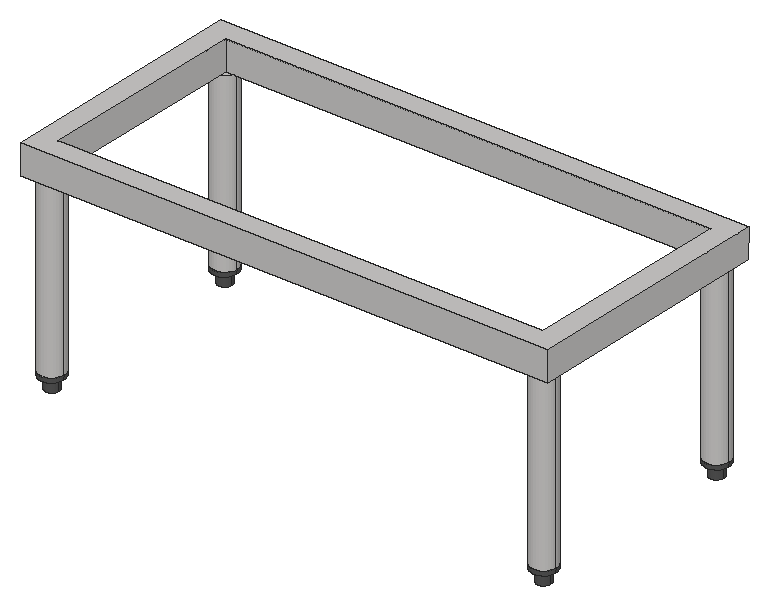
Revit family "QF_CAPIC_PT_W293014", category Equipement spécialisé, Revit 2018
Family settings
  Cote de connecteur circulaire = Utiliser le diamètre
  Type d'élément = Normal
  Numéro OmniClass = 23.40.40.14
  Titre OmniClass = Food Service Equipment
  Basée sur le plan de construction = Non
  Toujours verticalement = Oui
  Couper avec des vides une fois chargée = Non
  Partagée = Non
  Point de calcul de pièce = Non
Parameters (values of type "L=1500mm")
  URL catalogue = "http://www.capic-fr.com/fr/"
  Type de Raccord Plomberie [instance] = ""
  Type de Raccord Electrique [instance] = ""
  Type de Gaz = ""
  Type article [instance] = ""
  Tension = 0 V
  Spécification du Fabricant = ""
  Show Logo = yes
  Remarques evacuation [instance] = ""
  Remarques Plomberie [instance] = ""
  Remarques Electricité [instance] = ""
  Puissance électrique  = 0 W
  Puissance Gaz kW = 0
  Profondeur hors tout = 715 mm
  Pression Maximum Eau Adoucie = 0.0 Pa
  Poids net à vide = 90.00 kg
  Phase = 0
  Modèle = "W293014"
  Longueur hors tout = 1500 mm
  Intensité nominale = 0 A
  Hauteur hors tout = 630 mm
  Hauteur de Raccordement du Sol Finis = 0 mm
  Hauteur de Raccordement Gaz du Sol Finis = 0 mm
  Hauteur de Raccordement Evacuation Directe du Sol Finis = 0 mm
  Hauteur de Raccordement Eau Froide du Sol Finis = 0 mm
  Hauteur de Raccordement Eau Chaude du Sol Finis = 0 mm
  Hauteur de Raccordement Eau Adoucie du Sol Finis = 0 mm
  Fréquence = 0 Hz
  Fabricant = "CAPIC"
  Débit d'air d'extraction = 0.0 m³/h
  Débit Gaz = 0.0 L/s
  Débit Eau Froide = 0.0 L/s
  Débit Eau Chaude = 0.0 L/s
  Débit Eau Adoucie = 0.0 L/s
  Diamètre de Raccordement Gaz = 0 mm
  Diamètre de Raccordement Evacuation = 0 mm
  Diamètre de Raccordement Eau Froide = 0 mm
  Diamètre de Raccordement Eau Chaude = 0 mm
  Diamètre de Raccordement Eau Adoucie = 0 mm
  Description = "Pietement tubes ronds"
  Assembly Code = ""
  Classification  Omniclass nombre et titre = "23.40.40.14"
Reference planes
  plane 1 "Centre (avant/arrière)": y = 0
  plane 2: z = 0
  plane 3 "Centre (gauche/droite)": x = 0
  plane 4 "Centre G/E": y = 0
  plane 5: y = -838
  plane 6: z = 630
  plane 7: y = -123
  plane 8: x = 1500
  plane 9: z = 546
  plane 10: y = -173
  plane 11: y = -788
  plane 12: x = 50
  plane 13: x = 1450
  plane 14: z = 46
Forms (mm)
  Extrusion 1, solid, material "QF_Stainless Steel-Brushed"
    sketch origin (4267.2, -1071.386, 630) x (0, -1, 0) y (1, 0, 0)
      loop
        line (-948.386, -4267.2) -> (-233.386, -4267.2) -> (-233.386, -2767.2) -> (-948.386, -2767.2) -> (-948.386, -4267.2)
      loop
        line (-888.386, -2827.2) -> (-888.386, -4207.2) -> (-293.386, -4207.2) -> (-293.386, -2827.2) -> (-888.386, -2827.2)
    from 0 to -84
  Extrusion 2, solid, material "QF_Stainless Steel-Brushed"
    sketch origin (0, 0, 0) x (1, 0, 0) y (0, 1, 0)
      loop
        circle (50, -173) r 35
    from 46 to 546
  Revolve 3, solid, material "QF_Plastic-Black"
    sketch origin (-199.347, -173, 4000) x (-1, 0, 0) y (0, 0, 1)
      loop
        line (-284.347, -3954) -> (-284.347, -3966) -> (-269.347, -3966) -> (-269.347, -4000) -> (-249.347, -4000) -> (-249.347, -3954) -> (-284.347, -3954)
      axis (-249.347, -4000) -> (-249.347, -3954)
    angle from 0 to 360
  Extrusion 4, solid, material "QF_Stainless Steel-Brushed"
    sketch origin (220, 0, 0) x (1, 0, 0) y (0, 1, 0)
      loop
        circle (1230, -173) r 35
    from 46 to 546
  Revolve 5, solid, material "QF_Plastic-Black"
    sketch origin (160.653, -173, 4000) x (-1, 0, 0) y (0, 0, 1)
      loop
        line (-1324.347, -3954) -> (-1324.347, -3966) -> (-1309.347, -3966) -> (-1309.347, -4000) -> (-1289.347, -4000) -> (-1289.347, -3954) -> (-1324.347, -3954)
      axis (-1289.347, -4000) -> (-1289.347, -3954)
    angle from 0 to 360
  Extrusion 6, solid, material "QF_Stainless Steel-Brushed"
    sketch origin (0, -615, 0) x (1, 0, 0) y (0, 1, 0)
      loop
        circle (50, -173) r 35
    from 46 to 546
  Revolve 7, solid, material "QF_Plastic-Black"
    sketch origin (-133.843, -788, 4000) x (-1, 0, 0) y (0, 0, 1)
      loop
        line (-218.843, -3954) -> (-218.843, -3966) -> (-203.843, -3966) -> (-203.843, -4000) -> (-183.843, -4000) -> (-183.843, -3954) -> (-218.843, -3954)
      axis (-183.843, -4000) -> (-183.843, -3954)
    angle from 0 to 360
  Extrusion 8, solid, material "QF_Stainless Steel-Brushed"
    sketch origin (230, -615, 0) x (1, 0, 0) y (0, 1, 0)
      loop
        circle (1220, -173) r 35
    from 46 to 546
  Revolve 9, solid, material "QF_Plastic-Black"
    sketch origin (-133.843, -788, 4000) x (-1, 0, 0) y (0, 0, 1)
      loop
        line (-1618.843, -3954) -> (-1618.843, -3966) -> (-1603.843, -3966) -> (-1603.843, -4000) -> (-1583.843, -4000) -> (-1583.843, -3954) -> (-1618.843, -3954)
      axis (-1583.843, -4000) -> (-1583.843, -3954)
    angle from 0 to 360
Dimensions and locks
  locked: plane 7 to Extrusion 1 sketch curve at 60
  locked: Extrusion 1 sketch curve to plane 5 at 60
  locked: plane 3 "Centre (gauche/droite)" to Extrusion 1 sketch curve at 60
  locked: Extrusion 1 sketch curve to plane 8 at 60
  "Longueur hors tout": plane 3 "Centre (gauche/droite)" to plane 8
  "Hauteur hors tout": plane 6 to level
  locked: plane 6 to plane 9 at 84
  locked: plane 7 to plane 10 at 50
  locked: plane 11 to plane 5 at 50
  locked: plane 3 "Centre (gauche/droite)" to plane 12 at 50
  locked: plane 13 to plane 8 at 50
  locked: plane 9 to plane 14 at 500
  locked: Revolve 3 sketch curve to plane 12 at 35
  locked: plane 14 to Revolve 3 sketch curve at 12
  locked: Revolve 3 sketch curve to plane 12 at 20
  Revolve 5 sketch curve to Revolve 5 sketch curve to plane 13 = 15 mm locked, 20 mm locked
  "Profondeur hors tout": plane 7 to plane 5
  locked: plane 14 to Revolve 5 sketch curve at 12
  locked: Revolve 7 sketch curve to plane 12 at 20
  locked: Revolve 7 sketch curve to plane 12 at 35
  locked: Revolve 3 to plane 14 at 12
  locked: plane 14 to Revolve 5 at 12
  locked: Revolve 9 sketch curve to plane 13 at 20
  locked: Revolve 9 sketch curve to plane 13 at 35
  aligned and locked: level to plane 2
  aligned and locked: Extrusion 1 sketch curve to plane 7
  aligned and locked: plane 3 "Centre (gauche/droite)" to Extrusion 1 sketch curve
  aligned and locked: plane 5 to Extrusion 1 sketch curve
  aligned and locked: Extrusion 1 sketch curve to plane 8
  aligned and locked: Extrusion 1 to plane 9
  aligned and locked: plane 6 to Extrusion 1
  aligned and locked: plane 9 to Extrusion 2
  aligned and locked: Extrusion 2 to plane 14
  aligned and locked: plane 12 to Extrusion 2 sketch curve
  aligned and locked: plane 10 to Extrusion 2 sketch curve
  aligned and locked: level to Revolve 3 sketch curve
  aligned and locked: plane 12 to Revolve 3 sketch curve
  aligned and locked: Revolve 3 sketch curve to plane 14
  aligned and locked: plane 13 to Extrusion 4 sketch curve
  aligned and locked: Extrusion 4 sketch curve to plane 10
  aligned and locked: plane 13 to Revolve 5 sketch curve  (x2)
  aligned and locked: level to Revolve 5 sketch curve
  aligned and locked: plane 14 to Revolve 5 sketch curve
  aligned and locked: plane 12 to Extrusion 6 sketch curve
  aligned and locked: plane 11 to Extrusion 6 sketch curve
  aligned and locked: plane 9 to Extrusion 6
  aligned and locked: Extrusion 6 to plane 14
  aligned and locked: plane 14 to Revolve 7 sketch curve
  aligned and locked: Revolve 7 sketch curve to level
  aligned and locked: plane 9 to Extrusion 4
  aligned and locked: Extrusion 4 to plane 14
  aligned and locked: plane 13 to Extrusion 8 sketch curve
  aligned and locked: Extrusion 8 sketch curve to plane 11
  aligned and locked: Revolve 3 to plane 14
  aligned and locked: Extrusion 8 to Extrusion 1
  aligned and locked: plane 14 to Revolve 9 sketch curve
  aligned and locked: level to Revolve 9 sketch curve
  aligned and locked: plane 14 to Extrusion 8
Automatic sketch dimensions
  Revolve 3 sketch curve to plane 12 = 0 mm
  Revolve 3 sketch curve to level = 0 mm
  Revolve 3 sketch curve to plane 14 = 0 mm
  Revolve 5 sketch curve to level = 0 mm
  Revolve 5 sketch curve to plane 14 = 0 mm
  Revolve 9 sketch curve to plane 13 = 0 mm  (x2)
  Revolve 9 sketch curve to plane 14 = 12 mm
  Revolve 9 sketch curve to level = 88.15 mm
  Revolve 9 sketch curve to Revolve 9 sketch curve = 37 mm
  Revolve 7 sketch curve to plane 12 = 0 mm  (x2)
  Revolve 7 sketch curve to plane 14 = 12 mm
  Revolve 7 sketch curve to level = 25 mm
  Revolve 7 sketch curve to Revolve 7 sketch curve = 12 mm
  radius of Extrusion 2 sketch curve = 35 mm
  radius of Extrusion 4 sketch curve = 35 mm
  radius of Extrusion 6 sketch curve = 35 mm
  radius of Extrusion 8 sketch curve = 35 mm
